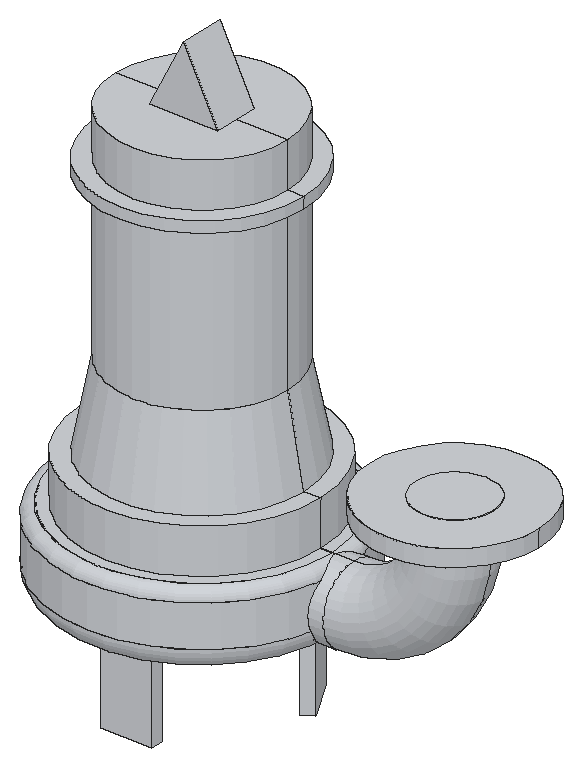
Revit family "96faf5ae4bea46a18f0721d4683d39bd", category Mechanical Equipment, Revit 2021
Family settings
  Round Connector Dimension = Use Radius
  Classification = Pump
  Part Type = Normal
  OmniClass Number = 23.60.30.21
  OmniClass Title = Pumps
  Work Plane-Based = No
  Always vertical = Yes
  Cut with Voids When Loaded = No
  Shared = No
  Room Calculation Point = No
Parameters (values of type "2.2 kW - 3" Discharge")
  Voltage [instance] = 230 V
  Symbol Radius = Cover Diameter / 2  # 6 5/16"
  Pump Material = none
  Number of Poles [instance] = 2
  Load Classification = Appliance - Dwelling Unit
  Length 2 = if(Discharge Nominal Diameter < 6", Discharge Nominal Diameter * 1.5, Discharge Nominal Diameter)  # 4 1/2"
  Length 1 = Cover Diameter / 2 - 1 1/2"  # 4 13/16"
  Height = 26 5/16"
  Flow [instance] = 105 GPM
  Flange Thickness = 3/4"
  Flange Thickness Label = if(Discharge Nominal Diameter < 2 1/2", Discharge Nominal Diameter * 0.625, Flange Thickness)  # 3/4"
  Flange Radius = Flange Diameter / 2  # 3 3/4"
  Flange Radius Label = if(Discharge Nominal Diameter < 2 1/2", Discharge Nominal Radius * 1.1 + 1/2", Flange Radius)  # 3 3/4"
  Flange Diameter = 7 1/2"
  Discharge Z Offset = Discharge Height / 2  # 5 7/8"
  Discharge Nominal Radius = 1 1/2"
  Discharge Nominal Diameter = Discharge Nominal Radius * 2  # 3"
  Discharge Height Label = if(Discharge Height < Discharge Z Offset + Discharge Body Radius + Flange Thickness Label, Discharge Z Offset + Discharge Body Radius + Flange Thickness Label, Discharge Height)  # 11 3/4"
  Discharge Height = 11 3/4"
  Discharge Body Radius = Discharge Nominal Radius * 1.05 + 1/8"  # 1.7"
  Default Elevation = 0"
  Center to Discharge = 11 1/4"
  Cover Diameter = 12 5/8"
  Apparent Load [instance] = 0 VA
Reference planes (in)
  plane 1 "Center (Front/Back)": y = 0
  plane 2: z = 0
  plane 3 "Center (Left/Right)": x = 0
  plane 4: z = 26.3125
  plane 5: z = 5.875
  plane 6: x = -6.3125
  plane 7: x = 6.3125
  plane 8: z = 4.175
  plane 9: z = 20.8125
  plane 10: z = 21.3125
  plane 11: z = 23.3125
  plane 12 "discharge cl": x = 11.25
  plane 13: z = 11.75
  plane 14: z = 11
  plane 15: x = 6.75
  plane 16: z = 10.375
  plane 17: z = 13.34375
Forms (in)
  Revolve 1, solid, material <- "Pump Material"
    sketch origin (0, 0, 0) x (1, 0, 0) y (0, 0, 1)
      loop
        line (-4.5625, 20.8125) -> (-3.8125, 20.8125) -> (-3.8125, 13.34375) -> (-4.5625, 9.575) -> (-5.3125, 9.575) -> (-5.3125, 7.575) -> (-5.8125, 7.575)
        arc (-5.8125, 7.575) -> (-6.16605, 7.42855) -> (-6.3125, 7.075) r 0.5
        line (-6.3125, 7.075) -> (-6.3125, 5.225)
        arc (-6.3125, 5.225) -> (-6.00496, 4.48254) -> (-5.2625, 4.175) r 1.05
        line (-5.2625, 4.175) -> (0, 4.175) -> (0, 23.3125) -> (-3.8125, 23.3125) -> (-3.8125, 21.3125) -> (-4.5625, 21.3125) -> (-4.5625, 20.8125)
      axis (0, 23.3125) -> (0, 4.175)
    angle from 0 to 360
  Extrusion 2, solid, material <- "Pump Material"
    sketch origin (0, 0, 0) x (1, 0, 0) y (0, 0, 1)
      loop
        line (1.5, 23.3125) -> (0, 26.3125) -> (-1.5, 23.3125) -> (1.5, 23.3125)
    from -1 to 1
  Extrusion 3, solid, material <- "Pump Material"
    sketch origin (0, 0, 0) x (1, 0, 0) y (0, 1, 0)
      loop
        circle (11.25, 0) r 3.75
    from 11 to 11.75
  Sweep 4, solid, material <- "Pump Material"
    path origin (0, 0, 0) x (1, 0, 0) y (0, 0, 1)
      loop
        line (0, 5.875) -> (6.75, 5.875)
        arc (6.75, 5.875) -> (9.93198, 7.19302) -> (11.25, 10.375) r 4.5
        line (11.25, 10.375) -> (11.25, 11.75)
    profile origin (3.375, 0, 5.875) x (0, 0, -1) y (0, -1, 0)
      loop
        circle (0, 0) r 1.7
  Extrusion 5, solid, material <- "Pump Material"
    sketch origin (0, 0, 0) x (1, 0, 0) y (0, 1, 0)
      loop
        line (-1.1244, -3.62819) -> (-1.1244, -4.19069) -> (1.1256, -4.19069) -> (1.1256, -3.62819) -> (-1.1244, -3.62819)
    from 0 to 5.875
  Extrusion 6, solid, material <- "Pump Material"
    sketch origin (0, 0, 0) x (-0.5, -0.866025, 0) y (0.866025, -0.5, 0)
      loop
        line (-1.1244, -3.62819) -> (-1.1244, -4.19069) -> (1.1256, -4.19069) -> (1.1256, -3.62819) -> (-1.1244, -3.62819)
    from 0 to 5.875
  Extrusion 7, solid, material <- "Pump Material"
    sketch origin (0, 0, 0) x (-0.5, 0.866025, 0) y (-0.866025, -0.5, 0)
      loop
        line (-1.1244, -3.62819) -> (-1.1244, -4.19069) -> (1.1256, -4.19069) -> (1.1256, -3.62819) -> (-1.1244, -3.62819)
    from 0 to 5.875
Lines and regions (in)
  Masking region 1, detail levels fine
    outline origin (0, 0, 0) x (1, 0, 0) y (0, 1, 0)
      loop
        arc (6.07928, 1.7) -> (-6.3125, 0) -> (6.07928, -1.7) r 6.3125
        line (6.07928, -1.7) -> (7.90747, -1.7)
        arc (7.90747, -1.7) -> (15, 0) -> (7.90747, 1.7) r 3.75
        line (7.90747, 1.7) -> (6.07928, 1.7)
  Masking region 2, detail levels fine
    outline origin (0, 0, 0) x (1, 0, 0) y (0, 1, 0)
      loop
        circle (0, 0) r 6.3125
  symbolic lines, detail levels fine
    curve 1: circle (0, 0, 21.3125) r 3.8125 normal (0, 0, 1)
    curve 2: circle (11.25, 0, 21.3125) r 3.75 normal (0, 0, 1)
    curve 3: circle (11.25, 0, 21.3125) r 1.5 normal (0, 0, 1)
    curve 4: line (-1.5, 1, 21.3125) -> (1.5, 1, 21.3125)
    curve 5: line (-1.5, -1, 21.3125) -> (-1.5, 1, 21.3125)
    curve 6: line (1.5, -1, 21.3125) -> (-1.5, -1, 21.3125)
    curve 7: line (1.5, 1, 21.3125) -> (1.5, -1, 21.3125)
    curve 8: line (0, 1, 0) -> (0, -1, 0)
Dimensions and locks (in)
  "Height": plane 4 to level
  equal spacing: plane 7, plane 3 "Center (Left/Right)", plane 6
  "Cover Diameter": plane 7 to plane 6
  locked: plane 10 to plane 9 at 0.5
  locked: plane 4 to plane 11 at 3
  equal spacing: Revolve 1 sketch curve, plane 5, Revolve 1 sketch curve
  "Center to Discharge": plane 12 "discharge cl" to plane 3 "Center (Left/Right)"
  "Discharge Body Radius": plane 5 to plane 8
  locked: plane 11 to plane 10 at 2
  "Discharge Z Offset": plane 5 to level
  "Discharge Height Label": plane 13 to level
  "Flange Thickness Label": plane 13 to plane 14
  "Discharge Body Radius": plane 1 "Center (Front/Back)" to Masking region 1 sketch curve
  "Discharge Body Radius": Masking region 1 sketch curve to plane 1 "Center (Front/Back)"
  "Length 2": plane 12 "discharge cl" to plane 15
  "Length 2": plane 16 to plane 5
  locked: Revolve 1 sketch curve to Revolve 1 sketch curve at 1
  locked: Revolve 1 sketch curve to Revolve 1 sketch curve at 2
  locked: Revolve 1 sketch curve to Revolve 1 sketch curve at 1.5
  equal spacing: plane 9, plane 17, plane 5
  locked: Revolve 1 sketch curve to Revolve 1 sketch curve at 0.75
  radius of Revolve 1 sketch curve = 1/2"
  "Flange Radius Label": radius of Extrusion 3 sketch curve
  "Discharge Nominal Radius": radius of curve 3
  radius of Revolve 1 sketch curve = 1.05"
  "Length 2": radius of Sweep 4 sketch curve
  "Discharge Body Radius": radius of Sweep 4 sketch curve
  "Symbol Radius": radius of Masking region 1 sketch curve
  aligned and locked: Revolve 1 sketch curve to plane 3 "Center (Left/Right)"
  aligned and locked: Revolve 1 sketch curve to plane 11
  aligned and locked: Revolve 1 sketch curve to Revolve 1 sketch curve  (x2)
  aligned and locked: nested 1 to plane 1 "Center (Front/Back)"
  aligned and locked: plane 3 "Center (Left/Right)" to nested 1
  aligned and locked: plane 12 "discharge cl" to Extrusion 3 sketch curve
  aligned and locked: plane 1 "Center (Front/Back)" to Extrusion 3 sketch curve
  aligned and locked: plane 13 to Extrusion 3
  aligned and locked: Extrusion 3 to plane 14
  aligned and locked: Masking region 1 sketch curve to Extrusion 3
  aligned and locked: curve 2 to Masking region 1
  aligned and locked: curve 6 to Extrusion 2
  aligned and locked: curve 4 to Extrusion 2
  aligned and locked: plane 12 "discharge cl" to curve 3
  aligned and locked: plane 1 "Center (Front/Back)" to curve 3
  aligned and locked: plane 16 to Sweep 4 sketch curve
  aligned and locked: plane 15 to Sweep 4 sketch curve
  aligned and locked: plane 3 "Center (Left/Right)" to Sweep 4 sketch curve
  aligned and locked: profile plane to Sweep 4 sketch curve  (x2)
  aligned and locked: plane 13 to Sweep 4 sketch curve
  aligned and locked: plane 5 to Extrusion 5
  aligned and locked: Extrusion 5 to level
  aligned and locked: plane 3 "Center (Left/Right)" to Masking region 1 sketch curve
  aligned and locked: plane 5 to Extrusion 6
  aligned and locked: Extrusion 5 to plane 5
  aligned and locked: plane 5 to Extrusion 7
  aligned and locked: Extrusion 7 to level
  aligned and locked: level to Extrusion 5
  aligned and locked: Extrusion 6 to level
  aligned and locked: plane 17 to Revolve 1 sketch curve
  aligned and locked: curve 1 to Revolve 1
  aligned and locked: curve 8 to Extrusion 2
  aligned and locked: Masking region 2 sketch curve to Masking region 1
Automatic sketch dimensions
  Extrusion 2 sketch curve to plane 11 = 0"
  Extrusion 2 sketch curve to plane 3 "Center (Left/Right)" = 0"
  Extrusion 2 sketch curve to plane 4 = 0"
  plane 3 "Center (Left/Right)" to Extrusion 2 sketch curve = 1 1/2"
  Extrusion 2 sketch curve to plane 3 "Center (Left/Right)" = 1 1/2"
  plane 3 "Center (Left/Right)" to curve 6 = 1 1/2"
  curve 6 to plane 3 "Center (Left/Right)" = 1 1/2"
  Extrusion 5 sketch curve to Extrusion 5 sketch curve = 9/16"
  plane 1 "Center (Front/Back)" to Masking region 1 sketch curve = 0"
  Extrusion 5 sketch curve to Extrusion 5 sketch curve = 2 1/4"
  Extrusion 6 sketch curve to Extrusion 6 sketch curve = 9/16"
  Extrusion 6 sketch curve to Extrusion 6 sketch curve = 2 1/4"
  Extrusion 7 sketch curve to Extrusion 7 sketch curve = 9/16"
  Extrusion 7 sketch curve to Extrusion 7 sketch curve = 2 1/4"
  Extrusion 5 sketch curve to plane 3 "Center (Left/Right)" = 1.1244"
  plane 1 "Center (Front/Back)" to Extrusion 5 sketch curve = 4.19069"
  Extrusion 6 sketch curve to plane 3 "Center (Left/Right)" = 3.06704"
  Extrusion 6 sketch curve to plane 1 "Center (Front/Back)" = 3.0691"
  Extrusion 7 sketch curve to plane 1 "Center (Front/Back)" = 1.12159"
  Extrusion 7 sketch curve to plane 7 = 2.12106"
  Revolve 1 sketch curve to plane 6 = 0"
  Revolve 1 sketch curve to plane 10 = 0"
  Revolve 1 sketch curve to plane 8 = 0"
  Revolve 1 sketch curve to Revolve 1 sketch curve = 3/4"
  Revolve 1 sketch curve to level = 3.86576"
  Revolve 1 sketch curve to plane 9 = 0"
  plane 4 to Revolve 1 sketch curve = 6.50924"
  plane 1 "Center (Front/Back)" to curve 8 = 1"
  curve 8 to plane 1 "Center (Front/Back)" = 1"
Nested families (in)
  nested 1: "Pump Symbol" at (0, 0, 0) x (0, 1, 0) z (0, 0, 1), Symbol Radius <- "Symbol Radius", type "Pump Symbol", detail levels coarse+medium
    with Symbol Radius 6 5/16", Symbol Length 2 5.46679", Symbol Length 1 3 5/32"
Connectors (in)
  electrical at (0, -1, 24.3125), driven by "Number of Poles", driven by "Load Classification", driven by "Voltage", driven by "Apparent Load"
    settings: on Extrusion 2, index 2, voltage 230 V, apparent load 0 VA, apparent load phase1 0 VA, apparent load phase2 0 VA, apparent load phase3 0 VA, power factor 0.8, load classification "Appliance - Dwelling Unit", number of poles 2, system type 30, power factor state 1, is connector primary yes, connector utility no, sub classification motor no, connector description "Power"
  piping at (11.25, 0, 11.75), diameter 3, driven by "Flow", driven by "Discharge Nominal Radius"
    settings: on Extrusion 3, index 3, connector inside diameter 24", connector length 0", flow factor 0, pipe flow 105 GPM, pressure drop 0.00 psi, fitting loss kfactor 0, connector angle 0.00°, fixture units 0, engagement length 0", angle of deflection 0.00°, flow configuration 1, flow direction 2, fitting loss method 0, system type 16, joint type 0, gender type 0, connector reference index -1, connector utility 0, adjustable connector no, is connector primary yes, connector description "Out"
Definition of nested family "Pump Symbol"
  Parameters (values of type "Pump Symbol")
    Symbol Radius [instance] = 24"
    Symbol Length 2 [instance] = cos(30.00°) * Symbol Radius  # 20.78461"
    Symbol Length 1 [instance] = sin(30.00°) * Symbol Radius  # 12"
  Reference planes (in)
    plane 1 "Center (Front/Back)": y = 0
    plane 2: z = 0
    plane 3 "Center (Left/Right)": x = 0
    plane 4: y = 12
    plane 5: y = -24
    plane 6: x = -20.78461
    plane 7: x = 20.78461
  Lines and regions (in)
    Filled region 1, type "Concrete Block", in view "Ref. Level"
      outline origin (0, 0, 0) x (1, 0, 0) y (0, 1, 0)
        loop
          line (-20.78461, 12) -> (0, -24) -> (20.78461, 12) -> (-20.78461, 12)
    detail lines, in view "Ref. Level"
      curve 1: circle (0, 0, 0) r 24 normal (0, 0, 1)
  Dimensions and locks (in)
    "Symbol Radius": plane 1 "Center (Front/Back)" to plane 5
    "Symbol Length 1": plane 4 to plane 1 "Center (Front/Back)"
    "Symbol Length 2": plane 6 to plane 3 "Center (Left/Right)"
    "Symbol Length 2": plane 3 "Center (Left/Right)" to plane 7
    "Symbol Radius": radius of curve 1
    aligned and locked: plane 3 "Center (Left/Right)" to curve 1
    aligned and locked: plane 1 "Center (Front/Back)" to curve 1
  Automatic sketch dimensions
    Filled region 1 sketch curve to plane 4 = 0"
    Filled region 1 sketch curve to plane 6 = 0"
    Filled region 1 sketch curve to plane 3 "Center (Left/Right)" = 0"
    Filled region 1 sketch curve to plane 7 = 0"
    Filled region 1 sketch curve to plane 5 = 0"
